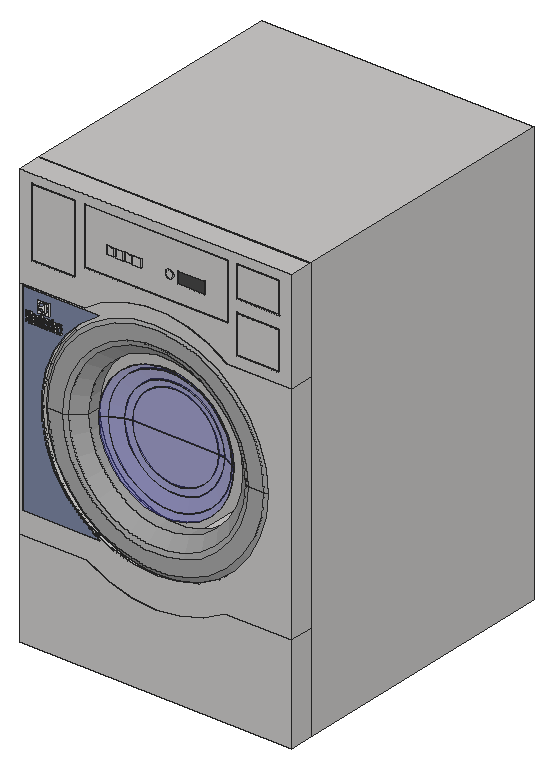
Revit family "QF_ELECTROLUXPROFESSIONAL_1LSNA4_TE1220G_G", category Attrezzature speciali, Revit 2021 (continued)
Automatic sketch dimensions
  Extrusion 27 sketch curve to Extrusion 27 sketch curve = 1.564 mm
  Extrusion 27 sketch curve to Extrusion 27 sketch curve = 6.135 mm
  Extrusion 27 sketch curve to Extrusion 27 sketch curve = 0.001 mm  (x2)
  plane 4 "LEFT" to Extrusion 27 sketch curve = 66.909 mm
  Extrusion 27 sketch curve to Extrusion 27 sketch curve = 2.421 mm
  Extrusion 27 sketch curve to Extrusion 27 sketch curve = 3.438 mm
  Extrusion 27 sketch curve to Extrusion 27 sketch curve = 2.355 mm
  Extrusion 27 sketch curve to Extrusion 27 sketch curve = 4.027 mm  (x2)
  Extrusion 27 sketch curve to Extrusion 27 sketch curve = 4.94 mm
  Extrusion 27 sketch curve to Extrusion 27 sketch curve = 1.15 mm
  Extrusion 27 sketch curve to Extrusion 27 sketch curve = 6.313 mm
  Extrusion 27 sketch curve to Extrusion 27 sketch curve = 1.822 mm  (x2)
  Extrusion 27 sketch curve to Extrusion 27 sketch curve = 12.073 mm
  Extrusion 27 sketch curve to Extrusion 27 sketch curve = 0.602 mm
  Extrusion 27 sketch curve to Extrusion 27 sketch curve = 0.128 mm
  Extrusion 27 sketch curve to Extrusion 27 sketch curve = 0.043 mm
  Extrusion 27 sketch curve to Extrusion 27 sketch curve = 1.459 mm
  Extrusion 27 sketch curve to Extrusion 27 sketch curve = 2.044 mm
  Extrusion 27 sketch curve to Extrusion 27 sketch curve = 0.323 mm
  Extrusion 27 sketch curve to Extrusion 27 sketch curve = 1.43 mm
  Extrusion 27 sketch curve to Extrusion 27 sketch curve = 2.692 mm  (x2)
  Extrusion 27 sketch curve to Extrusion 27 sketch curve = 7.068 mm
  Extrusion 27 sketch curve to Extrusion 27 sketch curve = 1.934 mm
  Extrusion 27 sketch curve to Extrusion 27 sketch curve = 1.058 mm
  Extrusion 27 sketch curve to Extrusion 27 sketch curve = 1.034 mm  (x4)
  Extrusion 27 sketch curve to Extrusion 27 sketch curve = 1.157 mm
  Extrusion 27 sketch curve to Extrusion 27 sketch curve = 0.881 mm
  Extrusion 27 sketch curve to Extrusion 27 sketch curve = 1.111 mm
  Extrusion 27 sketch curve to Extrusion 27 sketch curve = 0.49 mm
  Extrusion 27 sketch curve to Extrusion 27 sketch curve = 0.464 mm
  Extrusion 27 sketch curve to Extrusion 27 sketch curve = 1.509 mm
  Extrusion 27 sketch curve to Extrusion 27 sketch curve = 0.932 mm
  Extrusion 27 sketch curve to Extrusion 27 sketch curve = 1.11 mm
  Extrusion 27 sketch curve to Extrusion 27 sketch curve = 2.524 mm
  Extrusion 27 sketch curve to Extrusion 27 sketch curve = 1.044 mm
  Extrusion 27 sketch curve to Extrusion 27 sketch curve = 1.005 mm  (x2)
  Extrusion 27 sketch curve to Extrusion 27 sketch curve = 2.261 mm
  Extrusion 27 sketch curve to Extrusion 27 sketch curve = 0.039 mm
  Extrusion 27 sketch curve to Extrusion 27 sketch curve = 2.525 mm
  Extrusion 27 sketch curve to Extrusion 27 sketch curve = 1.915 mm
  Extrusion 27 sketch curve to Extrusion 27 sketch curve = 1.54 mm
  Extrusion 27 sketch curve to Extrusion 27 sketch curve = 6.935 mm
  Extrusion 27 sketch curve to Extrusion 27 sketch curve = 6.556 mm
  Extrusion 27 sketch curve to Extrusion 27 sketch curve = 5.536 mm
  Extrusion 27 sketch curve to Extrusion 27 sketch curve = 0.436 mm  (x2)
  Extrusion 27 sketch curve to Extrusion 27 sketch curve = 1.551 mm  (x2)
  Extrusion 27 sketch curve to Extrusion 27 sketch curve = 0.211 mm  (x2)
  Extrusion 27 sketch curve to Extrusion 27 sketch curve = 0.238 mm  (x2)
  Extrusion 27 sketch curve to Extrusion 27 sketch curve = 0.121 mm  (x2)
  Extrusion 27 sketch curve to Extrusion 27 sketch curve = 0.369 mm  (x2)
  Extrusion 27 sketch curve to Extrusion 27 sketch curve = 0.007 mm  (x2)
  Extrusion 27 sketch curve to Extrusion 27 sketch curve = 0.094 mm  (x2)
  Extrusion 27 sketch curve to Extrusion 27 sketch curve = 0.139 mm  (x2)
  Extrusion 27 sketch curve to Extrusion 27 sketch curve = 0.17 mm  (x2)
  Extrusion 27 sketch curve to Extrusion 27 sketch curve = 0.08 mm  (x2)
  Extrusion 27 sketch curve to Extrusion 27 sketch curve = 0.095 mm  (x2)
  Extrusion 27 sketch curve to Extrusion 27 sketch curve = 10.261 mm
  Extrusion 27 sketch curve to Extrusion 27 sketch curve = 0.432 mm  (x2)
  Extrusion 27 sketch curve to Extrusion 27 sketch curve = 2.837 mm
  Extrusion 27 sketch curve to Extrusion 27 sketch curve = 1.28 mm  (x2)
  Extrusion 27 sketch curve to Extrusion 27 sketch curve = 0.897 mm  (x2)
  Extrusion 27 sketch curve to Extrusion 27 sketch curve = 2.483 mm
  Extrusion 27 sketch curve to Extrusion 27 sketch curve = 1.403 mm
  Extrusion 27 sketch curve to Extrusion 27 sketch curve = 2.3 mm
  Extrusion 27 sketch curve to Extrusion 27 sketch curve = 0.278 mm
  Extrusion 27 sketch curve to Extrusion 27 sketch curve = 0.055 mm
  Extrusion 27 sketch curve to Extrusion 27 sketch curve = 2.277 mm
  Extrusion 27 sketch curve to Extrusion 27 sketch curve = 2.5 mm
  Extrusion 27 sketch curve to Extrusion 27 sketch curve = 4.162 mm
  Extrusion 27 sketch curve to Extrusion 27 sketch curve = 3.972 mm
  Extrusion 27 sketch curve to Extrusion 27 sketch curve = 0.049 mm
  Extrusion 27 sketch curve to Extrusion 27 sketch curve = 0.188 mm
  Extrusion 27 sketch curve to Extrusion 27 sketch curve = 1.466 mm
  Extrusion 27 sketch curve to Extrusion 27 sketch curve = 0.158 mm
  Extrusion 27 sketch curve to Extrusion 27 sketch curve = 0.575 mm
  Extrusion 27 sketch curve to Extrusion 27 sketch curve = 4.547 mm
  Extrusion 27 sketch curve to Extrusion 27 sketch curve = 4.265 mm
  Extrusion 27 sketch curve to Extrusion 27 sketch curve = 0.181 mm
  Extrusion 27 sketch curve to Extrusion 27 sketch curve = 0.042 mm  (x4)
  Extrusion 27 sketch curve to Extrusion 27 sketch curve = 2.073 mm
  Extrusion 27 sketch curve to Extrusion 27 sketch curve = 2.557 mm
  Extrusion 27 sketch curve to Extrusion 27 sketch curve = 6.418 mm
  Extrusion 27 sketch curve to Extrusion 27 sketch curve = 2.6 mm
  Extrusion 27 sketch curve to Extrusion 27 sketch curve = 0.063 mm
  Extrusion 27 sketch curve to Extrusion 27 sketch curve = 1.604 mm
  Extrusion 27 sketch curve to Extrusion 27 sketch curve = 4.107 mm
  Extrusion 27 sketch curve to Extrusion 27 sketch curve = 1.173 mm
  Extrusion 27 sketch curve to Extrusion 27 sketch curve = 0.701 mm
  Extrusion 27 sketch curve to Extrusion 27 sketch curve = 0.021 mm
  Extrusion 27 sketch curve to Extrusion 27 sketch curve = 1.778 mm
  Extrusion 27 sketch curve to Extrusion 27 sketch curve = 1.952 mm
  Extrusion 27 sketch curve to Extrusion 27 sketch curve = 2.342 mm
  Extrusion 27 sketch curve to Extrusion 27 sketch curve = 0.848 mm
  Extrusion 27 sketch curve to Extrusion 27 sketch curve = 1.004 mm
  Extrusion 27 sketch curve to Extrusion 27 sketch curve = 0.983 mm
  Extrusion 27 sketch curve to Extrusion 27 sketch curve = 2.068 mm
  Extrusion 27 sketch curve to Extrusion 27 sketch curve = 5.916 mm
  Extrusion 27 sketch curve to Extrusion 27 sketch curve = 0.904 mm
  Extrusion 27 sketch curve to Extrusion 27 sketch curve = 0.862 mm
  Extrusion 27 sketch curve to Extrusion 27 sketch curve = 2.504 mm
  Extrusion 27 sketch curve to Extrusion 27 sketch curve = 1.033 mm
  Extrusion 27 sketch curve to Extrusion 27 sketch curve = 1.176 mm  (x2)
  Extrusion 27 sketch curve to Extrusion 27 sketch curve = 0.974 mm  (x2)
  Extrusion 27 sketch curve to Extrusion 27 sketch curve = 0.113 mm  (x2)
  Extrusion 27 sketch curve to Extrusion 27 sketch curve = 0.347 mm  (x2)
  Extrusion 27 sketch curve to Extrusion 27 sketch curve = 0.294 mm  (x2)
  Extrusion 27 sketch curve to Extrusion 27 sketch curve = 0.31 mm  (x2)
  Extrusion 27 sketch curve to Extrusion 27 sketch curve = 0.81 mm  (x2)
  plane 4 "LEFT" to Extrusion 28 sketch curve = 6 mm
  level to Extrusion 28 sketch curve = 580 mm
  Extrusion 28 sketch curve to plane 3 "Center (Left/Right)" = 142.004 mm  (x2)
  Extrusion 28 sketch curve to plane 9 "TOP" = 264 mm
  Extrusion 28 sketch curve to plane 3 "Center (Left/Right)" = 0 mm
  Extrusion 29 sketch curve to plane 3 "Center (Left/Right)" = 0 mm
  Extrusion 29 sketch curve to plane 9 "TOP" = 518 mm
  Extrusion 29 sketch curve to plane 9 "TOP" = 264 mm
  Extrusion 29 sketch curve to plane 3 "Center (Left/Right)" = 142.004 mm  (x2)
  plane 4 "LEFT" to Extrusion 29 sketch curve = 6 mm
  Extrusion 30 sketch curve to plane 5 "RIGHT" = 82.5 mm
  level to Extrusion 30 sketch curve = 52.3 mm
  radius of Extrusion 2 sketch curve = 242.757 mm
  radius of Extrusion 6 sketch curve = 20 mm
  radius of Extrusion 7 sketch curve = 11 mm
  radius of Extrusion 8 sketch curve = 20 mm
  radius of Extrusion 9 sketch curve = 11 mm
  radius of Revolve 10 sketch curve = 285 mm
  radius of Extrusion 11 sketch curve = 20 mm
  radius of Extrusion 12 sketch curve = 11 mm
  radius of Extrusion 13 sketch curve = 20 mm
  radius of Extrusion 14 sketch curve = 11 mm
  radius of Extrusion 17 sketch curve = 285 mm
  radius of Extrusion 19 sketch curve = 10 mm
  radius of Extrusion 21 sketch curve = 10 mm
  radius of Extrusion 23 sketch curve = 51 mm
  radius of Extrusion 26 sketch curve = 5 mm
  radius of Extrusion 27 sketch curve = 2.611 mm  (x2)
  radius of Extrusion 27 sketch curve = 1.657 mm
  radius of Extrusion 27 sketch curve = 1.564 mm
  radius of Extrusion 30 sketch curve = 4.763 mm
Connectors
  electrical at (-209.295, 411, 810)
    settings: on Extrusion 26, index 6, voltage 0 V, apparent load 0 VA, apparent load phase1 0 VA, apparent load phase2 0 VA, apparent load phase3 0 VA, power factor 1, load classification "Other", number of poles 1, system type 30, power factor state 1, is connector primary yes, connector utility no, sub classification motor no, connector description "Electrical Connection"
  hvac at (27.1, 360.57, 84.8)
    settings: on Extrusion 23, index 7, duct flow 0.0 L/s, flow factor 0, pres drop 0.0 Pa, loss coef 0, conn angle 0.00°, conn width 304.8 mm, conn height 304.8 mm, conn diameter 102 mm, duct sys type 2, conn prof type 0, flow config 1, flow direction 2, loss method 0, conn ref index -1, conn util no, is conn primary yes, conn desc "Air connection"
  piping at (260.5, 357.286, 52.3), diameter 9.5
    settings: on Extrusion 30, index 8, connector inside diameter 609.6 mm, connector length 0 mm, flow factor 0, pipe flow 0.0 L/s, pressure drop 0.0 Pa, fitting loss kfactor 0, connector angle 0.00°, fixture units 0, engagement length 0 mm, angle of deflection 0.00°, flow configuration 1, flow direction 1, fitting loss method 0, system type 7, joint type 0, gender type 0, connector reference index -1, connector utility 0, adjustable connector no, is connector primary yes, connector description "Gas connection"
Types (3, lengths in mm): name | Item Number | Descrizione | Cycle | Corrente
  (no name) | "1L0H4K" | "myPRO XL SMART PROFESSIONAL TUMBLE DRYER TE1220G GAS 5,7KW VENTED 208-240/60/1 1,1KW SYMBOLS SST/DARK BLUE" | 60 Hz | "53.0"
  988690054 | "1L0GJY" | "myPRO XL SMART PROFESSIONAL TUMBLE DRYER TE1220G 12KG GAS 5,7KW VENTED 220-240/50/1N 1,1KW SYMBOLS SST/DARK BLUE" | 50 Hz | "5.0"
  988690056 | "1L0H4K" | "myPRO XL SMART PROFESSIONAL TUMBLE DRYER TE1220G GAS 5,7KW VENTED 208-240/60/1 1,1KW SYMBOLS SST/DARK BLUE" | 60 Hz | "53.0"
